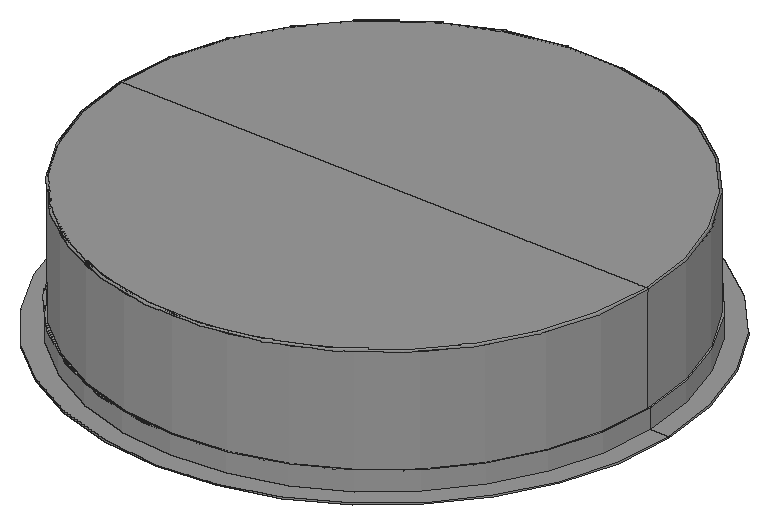
Revit family "Artemide_Tagora_Recessed_970", category Lighting Fixtures, Revit 2018
Family settings
  Round Connector Dimension = Use Diameter
  Part Type = Normal
  Work Plane-Based = Yes
  Always vertical = Yes
  Cut with Voids When Loaded = Yes
  Light Source = Yes
  Shared = No
  Room Calculation Point = No
Parameters (values of type "Tagora_Recessed_970_4000K_DaliSwitchDim_White_M250121")
  Wattage = 84 W
  built-in parameter 1150110 = 1 (stored number, unit not read)
  Voltage = "-"
  built-in parameter 1114217 = 1 (stored number, unit not read)
  Tilt Angle = 90.00°
  built-in parameter 1150109 = 1 (stored number, unit not read)
  built-in parameter 1150134 = 12
  built-in parameter 1150113 = 1 (stored number, unit not read)
  Product Range = "Tagora"
  Photometric Web File = "M250121.IES"
  Max Height from ceiling = 0 mm
  M_Housing = Artemide_Aluminum_White
  M_Fixings = Artemide_Aluminum_Anodized
  M_Diffuser = Artemide_Glass_LightBulb
  built-in parameter 1150105 = 550.27 (stored number, unit not read)
  Lumens = 6914.88 lm
  built-in parameter 1150115 = 1 (stored number, unit not read)
  built-in parameter 1150137 = (empty or 0)
  built-in parameter 1150139 = (empty or 0)
  built-in parameter 1150112 = 1 (stored number, unit not read)
  built-in parameter 1150114 = 1 (stored number, unit not read)
  built-in parameter 1150132 = (empty or 0)
  built-in parameter 1150102 = (empty or 0)
  built-in parameter 1150107 = 4000 (stored number, unit not read)
  built-in parameter 1150138 = (empty or 0)
  built-in parameter 1150106 = 5.5027 (stored number, unit not read)
  IfcExportType = "NOT DEFINED"  # constant formula
  IfcExportAs = "IfcLightFixtureType"  # constant formula
  Weekly = "-"
  Warranty ID = "https://cloud.artemide.com/5-years-warranty"
  Upward Component  = 0
  Unified Glare Rating  = "-"
  Uniclass 2015 = "Pr_70_70_48"  # constant formula
  URL to O&M Manual = "https://www.artemide.com/contents/documenti/prodotto/tagora_incasso_970_instructions2528833.pdf"
  URL to Energy Technology List = "-"
  Trim Material = "Aluminium"
  Trim Finish = "Painted"
  Trim Colour  = "White"
  Total Power = 0
  Total Light Output  = 0
  Testing method = "-"
  Supply Phase = 0
  Suitable for Photocell Control = "-"
  Suitable for Motion Detector Control = "N"
  Suitable for Dimming  = "Y"
  Suitable Dimmer Type = "DALI"
  Standards = "-"
  Shipping Weight = 0
  Service life  = "-"
  Secondary Rated Lamp Life = 0
  Secondary Lamp Voltage = 0
  Secondary Lamp International Type Code = "-"
  Secondary Lamp Initial Lumens  = 0
  Secondary Lamp Included = "-"
  Secondary Lamp Efficacy = 0
  Secondary Lamp Colour Temperature = 0
  Secondary Lamp Colour Rendering Index = 0
  Secondary Lamp Cap = "-"
  Secondary Lamp = "-"
  Responsible Sourcing of Materials = "-"
  Responsible Extraction of Materials = "-"
  Reflector Material = "-"
  Reflector Finish = "-"
  Rated Lamp Life = 50000
  Quarterly = "-"
  Product Model Number = "M250121"
  Product Literature = "https://www.artemide.com/en/subfamily/1657802/tagora-recessed-970"
  Primary Lamp Type = "LED"
  Power Supply Kit = "-"
  Power Factor = 0
  Photocell = "-"
  Overall Width = 0
  Overall Light Output Ratio = 0
  Overall Length = 1046
  Overall Height = 0
  Output Lumens Indirect light = 0
  Output Lumens Direct light = 6915
  Number of Secondary Lamps = 0
  Number of Primary Lamps = 1
  Number of Poles = 0
  Motion Sensor = "-"
  Motion Detector = "-"
  Monthly = "-"
  Minimum Operating Temperature = 0
  Maximum Operating Temperature = 0
  Material Ingredient Reporting = "-"
  Manufacturer Website = "https://www.artemide.com"
  Manufacturer = "Artemide"
  Maintenance Required: 8001-12000hrs  = "-"
  Maintenance Required: 601-1000hrs = "-"
  Maintenance Required: 4001-8000hrs  = "-"
  Maintenance Required: 301-600hrs  = "-"
  Maintenance Required: 2001-4000hrs  = "-"
  Maintenance Required: 1001-2000hrs  = "-"
  Maintenance Required: 0-300hrs  = "-"
  Luminance at 65deg Angle = 0
  Luminaire Type = "Downlight"
  Luminaire Maintenance Factor = 0
  Luminaire Cleaning Interval  = "-"
  Louvre/Lens = "-"
  Location of Manufacturer = "-"
  Light Output Pattern = "-"
  Light Fixture Mounting Type = "Recessed"
  Life Cycle Analysis = "-"
  Lamp Survival Factor = "-"
  Lamp Replacement Interval = "-"
  Lamp Included = "Y"
  Lamp Holder Material = "-"
  Lamp Cap = "LED Integrated"
  LED lifetime = 50000
  LED Maintained Colour Variation         = 0
  LED Initial Colour Variation                      = 0
  International Type Code = "-"
  Intended Market = "Unset"
  Integral Fuse or Circuit Protection  = "-"
  Integral Emergency Lighting Battery Type = "-"
  Input Lumens Indirect light = 0
  Input Lumens Direct light = 12805
  Initial Lumens = 6915
  Infills = "-"
  IP Rating = "IP20"
  IK Rating = "-"
  IES Files  = "https://www.artemide.com/product/downloadFile/1664533/ieseu/4887942"
  Housing Material = "Aluminium"
  Housing Finish  = "Painted"
  Housing Colour  = "White"
  Hazardous Area Protection Type = "-"
  Hazardous Area Category = "-"
  Gross Weight = 0
  Green Guide for Specification = "-"
  Gasket Material = "-"
  Frequency  = 0
  Fixings = "-"
  Fixing Material = "-"
  Fire Shroud = "-"
  Fire Rating Duration = 0
  Fire Rated Temperature = 0
  Fire Rated = "-"
  Features = "Any additional components/accessories included in this file are required to complete the product/configuration and must be ordered separately.Please check the catalogue/dedicated brochure for more information"
  Face Width = 0
  Face Shape = "Circular"
  Face Length = 0
  External Control Line Voltage = 0
  Expected Life = "-"
  Environmental Product Declaration = "-"
  End Caps/Transition Caps/Joints = "-"
  Emit from Circle Diameter = 873.2 mm
  Emit Shape Visible in Rendering = no
  Emergency light output percentage = 0
  Emergency Lighting Battery = "-"
  Emergency Charging Power       = 0
  Emergency = "N"
  Embodied Carbon  = 0
  Efficiency = 54
  built-in parameter 1150104 = 7.6478 (stored number, unit not read)
  Earth Point  = "-"
  ENEC Certification of European conformity = "N"
  Duration of Integral Emergency Lighting  = 0
  Drive Current                                          = 0
  Downward Component = 0
  Dimming Lamp Color Temperature Shift = <None>
  Diffusing screen = "-"
  Diffuser Material  = "-"
  Diffuser Finish = "-"
  Designed by = "S./R. Cornelissen"
  Default Elevation = 1219.2 mm
  Daylight Sensor = "-"
  Daily = "-"
  Cut Out Width = 1002
  Cut Out Length = 227
  Current  = 0
  Control Gear Type = "-"
  Control Gear Standby Power  = 0
  Control Gear Required = "-"
  Control Gear Location = "-"
  Column = "-"
  Colour Temperature = 4000
  Colour Rendering Index = 80
  Color Filter = 16777215
  Cable Material = "-"
  CE Approval = "Y"
  Bespoke Timeframe = "-"
  Beam Angle Transverse Axis  = 0.00°
  Beam Angle Longditudinal Axis  = 0.00°
  Basis of lifetime luminaire failures        = 0
  Basis of lifetime lumen depreciation   = 0
  built-in parameter 1114218 = 1 (stored number, unit not read)
  built-in parameter 1150133 = 10 (stored number, unit not read)
  Application Environment = "Internal"
  Annually = "-"
  Ambient Temperature                             = 0
  Air Handling = "-"
  Access Clearance Top = 0
  Access Clearance Right = 0
  Access Clearance Rear = 0
  Access Clearance Left = 0
  Access Clearance Front = 0
  Access Clearance Bottom = 0
  6 Monthly = "-"
Types (8, lengths in mm): name | built-in parameter 1150134 | Photometric Web File | M_Housing | built-in parameter 1150105 | Lumens | built-in parameter 1150107 | built-in parameter 1150106 | Trim Colour  | Product Model Number | Output Lumens Direct light | Input Lumens Direct light | Initial Lumens | IES Files  | Housing Colour  | built-in parameter 1150104 | Colour Temperature
  Tagora_Recessed_970_3000K_DaliSwitchDim_Orange_M250011 | (empty or 0) | "M250011.IES" | Artemide_Aluminum_Orange | 511.3 (stored number, unit not read) | 6425.16 lm | 3000 (stored number, unit not read) | 5.113 (stored number, unit not read) | "Orange" | "M250011" | 6425 | 11898.8 | 6425 | "https://www.artemide.com/product/downloadFile/1663042/ieseu/4887684" | "Orange" | 7.1062 (stored number, unit not read) | 3000
  Tagora_Recessed_970_4000K_DaliSwitchDim_Orange_M250111 | 12 | "M250111.IES" | Artemide_Aluminum_Orange | 550.27 (stored number, unit not read) | 6914.88 lm | 4000 (stored number, unit not read) | 5.5027 (stored number, unit not read) | "Orange" | "M250111" | 6915 | 12805 | 6915 | "https://www.artemide.com/product/downloadFile/1663843/ieseu/4887792" | "Orange" | 7.6478 (stored number, unit not read) | 4000
  Tagora_Recessed_970_3000K_DaliSwitchDim_White_M250021 | (empty or 0) | "M250021.IES" | Artemide_Aluminum_White | 511.3 (stored number, unit not read) | 6425.16 lm | 3000 (stored number, unit not read) | 5.113 (stored number, unit not read) | "White" | "M250021" | 6425 | 11898.8 | 6425 | "https://www.artemide.com/product/downloadFile/1663493/ieseu/4887730" | "White" | 7.1062 (stored number, unit not read) | 3000
  Tagora_Recessed_970_4000K_DaliSwitchDim_White_M250121 | 12 | "M250121.IES" | Artemide_Aluminum_White | 550.27 (stored number, unit not read) | 6914.88 lm | 4000 (stored number, unit not read) | 5.5027 (stored number, unit not read) | "White" | "M250121" | 6915 | 12805 | 6915 | "https://www.artemide.com/product/downloadFile/1664533/ieseu/4887942" | "White" | 7.6478 (stored number, unit not read) | 4000
  Tagora_Recessed_970_3000K_DaliSwitchDim_Blue_M250031 | (empty or 0) | "M250031.IES" | Artemide_Aluminum_Blue | 511.3 (stored number, unit not read) | 6425.16 lm | 3000 (stored number, unit not read) | 5.113 (stored number, unit not read) | "Blue" | "M250031" | 6425 | 11898.8 | 6425 | "https://www.artemide.com/product/downloadFile/2528069/ieseu/4887808" | "Blue" | 7.1062 (stored number, unit not read) | 3000
  Tagora_Recessed_970_4000K_DaliSwitchDim_Blue_M250131 | 12 | "M250131.IES" | Artemide_Aluminum_Blue | 550.27 (stored number, unit not read) | 6914.88 lm | 4000 (stored number, unit not read) | 5.5027 (stored number, unit not read) | "Blue" | "M250131" | 6915 | 12805 | 6915 | "https://www.artemide.com/product/downloadFile/2528679/ieseu/4887752" | "Blue" | 7.6478 (stored number, unit not read) | 4000
  Tagora_Recessed_970_3000K_DaliSwitchDim_Green_M250041 | (empty or 0) | "M250041.IES" | Artemide_Aluminum_Green | 511.3 (stored number, unit not read) | 6425.16 lm | 3000 (stored number, unit not read) | 5.113 (stored number, unit not read) | "Green" | "M250041" | 6425 | 11898.8 | 6425 | "https://www.artemide.com/product/downloadFile/2527326/ieseu/4887973" | "Green" | 7.1062 (stored number, unit not read) | 3000
  Tagora_Recessed_970_4000K_DaliSwitchDim_Green_M250141 | 12 | "M250141.IES" | Artemide_Aluminum_Green | 550.27 (stored number, unit not read) | 6914.88 lm | 4000 (stored number, unit not read) | 5.5027 (stored number, unit not read) | "Green" | "M250141" | 6915 | 12805 | 6915 | "https://www.artemide.com/product/downloadFile/2528508/ieseu/4887702" | "Green" | 7.6478 (stored number, unit not read) | 4000
Reference planes
  plane 1 "Center (Front/Back)": y = 0
  plane 2: z = 0
  plane 3 "Center (Left/Right)": x = 0
  plane 4 "Bottom Internal Cone": z = 1.9
  plane 5 "Top External Disc": z = 5
  plane 6 "Light": z = 112.881
  plane 7 "Center L/AA": z = 40
  plane 8 "Center L/CC": z = 235
  plane 9 "Center L/FF": z = 233.493
  plane 10 "Center L/GG": z = 145.25
  plane 11 "Center L/HH": z = 125.915
  plane 12 "Center L/II": z = 124.647
  plane 13 "Center L/JJ": z = 99.75
  plane 14 "Center L/KK": z = 96.75
Forms (mm)
  Revolve 1, solid, material "Artemide_Aluminum_White" <- "M_Housing"
    sketch origin (0, 0, 0) x (1, 0, 0) y (0, 0, 1)
      loop
        line (-425.011, 145.25) -> (-425.011, 124.647) -> (0, 124.647) -> (0, 125.915) -> (-423.511, 125.915) -> (-423.511, 145.25) -> (-425.011, 145.25)
      axis (0, 124.647) -> (0, 145.25)
    angle from 0 to 360
  Revolve 2, solid, material "Artemide_Aluminum_White" <- "M_Housing"
    sketch origin (0, 0, 0) x (1, 0, 0) y (0, 0, 1)
      loop
        line (-425.011, 125.915) -> (-482.84, 1.9) -> (-486.5, 1.9) -> (-486.5, 0) -> (-481.74, 0) -> (-423.025, 125.915) -> (-425.011, 125.915)
      axis (0, 125.915) -> (0, 0)
    angle from 0 to 360
  Revolve 3, solid, material "Artemide_Glass_LightBulb" <- "M_Diffuser"
    sketch origin (0, 0, 0) x (1, 0, 0) y (0, 0, 1)
      loop
        line (-436.606, 96.75) -> (0, 96.75) -> (0, 99.75) -> (-435.207, 99.75) -> (-436.606, 96.75)
      axis (0, 99.75) -> (0, 96.75)
    angle from 0 to 360
  Revolve 4, solid, material "Artemide_Aluminum_Anodized" <- "M_Fixings"
    sketch origin (0, 0, 0) x (1, 0, 0) y (0, 0, 1)
      loop
        line (-486.5, 1.9) -> (-486.5, 5) -> (-522.753, 5) -> (-522.753, 1.9) -> (-486.5, 1.9)
      axis (0, 5) -> (0, 1.9)
    angle from 0 to 360
  Extrusion 5, solid, material "Artemide_Aluminum_Anodized" <- "M_Fixings"
    sketch origin (0, 0, 0) x (1, 0, 0) y (0, 1, 0)
      loop
        circle (0, 0) r 485.95
      loop
        circle (0, 0) r 489.05
    from 5 to 40
  Extrusion 6, void
    sketch origin (0, 0, 0) x (1, 0, 0) y (0, 1, 0)
      loop
        circle (0, 0) r 486.5
    from 0 to 235
  Revolve 7, solid, material "Artemide_Aluminum_Anodized" <- "M_Fixings"
    sketch origin (0, 0, 0) x (1, 0, 0) y (0, 0, 1)
      loop
        line (0, 235) -> (-482, 235)
        arc (-482, 235) -> (-484.121, 234.121) -> (-485, 232) r 3
        line (-485, 232) -> (-485, 1.9) -> (-483.488, 1.9) -> (-483.488, 232)
        arc (-483.488, 232) -> (-483.051, 233.055) -> (-481.996, 233.493) r 1.493
        line (-481.996, 233.493) -> (0, 233.493) -> (0, 235)
      axis (0, 235) -> (0, 1.9)
    angle from 0 to 360
Dimensions and locks
  locked: plane 5 "Top External Disc" to plane 4 "Bottom Internal Cone" at 3.1
  locked: plane 7 "Center L/AA" to plane 2 at 40
  locked: plane 4 "Bottom Internal Cone" to plane 2 at 1.9
  locked: plane 8 "Center L/CC" to plane 9 "Center L/FF" at 1.507
  locked: plane 9 "Center L/FF" to plane 10 "Center L/GG" at 88.243
  locked: plane 10 "Center L/GG" to plane 11 "Center L/HH" at 19.335
  locked: plane 11 "Center L/HH" to plane 12 "Center L/II" at 1.268
  locked: plane 6 "Light" to plane 2 at 112.881
  locked: plane 14 "Center L/KK" to plane 2 at 96.75
  locked: plane 13 "Center L/JJ" to plane 14 "Center L/KK" at 3
  aligned and locked: plane 6 "Light" to imposter light
  aligned and locked: plane 3 "Center (Left/Right)" to imposter light
  aligned and locked: imposter light to plane 1 "Center (Front/Back)"
  aligned and locked: Revolve 2 sketch curve to plane 3 "Center (Left/Right)"
  aligned and locked: Revolve 3 sketch curve to plane 3 "Center (Left/Right)"
  aligned and locked: Revolve 4 sketch curve to plane 5 "Top External Disc"
  aligned and locked: plane 4 "Bottom Internal Cone" to Revolve 4 sketch curve
  aligned and locked: Revolve 4 sketch curve to plane 3 "Center (Left/Right)"
  aligned and locked: Extrusion 5 to plane 5 "Top External Disc"
  aligned and locked: plane 7 "Center L/AA" to Extrusion 5
  aligned and locked: Extrusion 6 to plane 2
  aligned and locked: Revolve 1 sketch curve to plane 10 "Center L/GG"
  aligned and locked: Revolve 1 sketch curve to plane 11 "Center L/HH"
  aligned and locked: plane 12 "Center L/II" to Revolve 1 sketch curve
  aligned and locked: Revolve 2 sketch curve to plane 11 "Center L/HH"
  aligned and locked: plane 4 "Bottom Internal Cone" to Revolve 2 sketch curve
  aligned and locked: Revolve 2 sketch curve to plane 2
  aligned and locked: Revolve 3 sketch curve to plane 13 "Center L/JJ"
  aligned and locked: plane 14 "Center L/KK" to Revolve 3 sketch curve
  aligned and locked: plane 8 "Center L/CC" to Revolve 7 sketch curve
  aligned and locked: Revolve 7 sketch curve to plane 9 "Center L/FF"
  aligned and locked: Revolve 7 sketch curve to plane 4 "Bottom Internal Cone"
  aligned and locked: Revolve 7 sketch curve to plane 3 "Center (Left/Right)"
  aligned and locked: plane 8 "Center L/CC" to Extrusion 6
